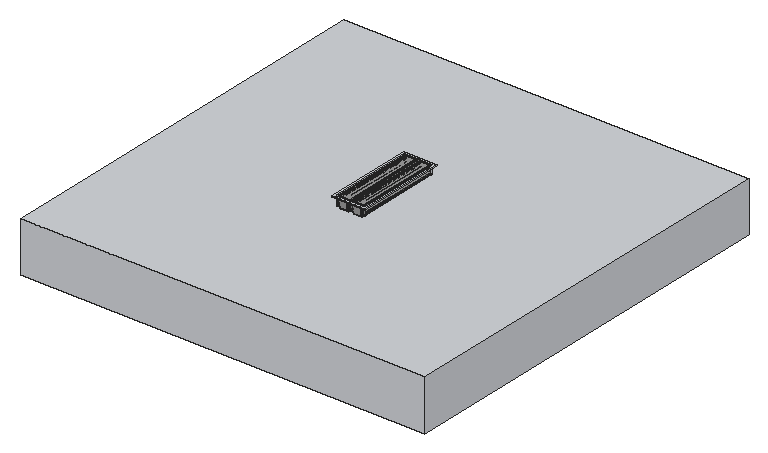
Revit family "L-industry NEW 48 АЗС", category Осветительные приборы, Revit 2017
Family settings
  Основа = Грань
  Размер круглого соединителя = Использовать диаметр
  Тип детали = Нормальный
  При загрузке вырезать с полостями = Нет
  Источник света = Да
  Общий = Нет
  Точка расчета площади = Нет
Parameters (values of type "L-industry NEW 48 АЗС 5.0K Г60")
  Расстояние от светильника до поверхности = 100 mm
  Описание = "Светодиодный светильник для освещения автозаправочных станций L-industry АЗС 48 предназначен для замены светильников на основе ламп ДРЛ-125 и ДНаТ-100 и ламп других типов. L-industry NEW АЗС 48 является оптимальным вариантом для освещения объектов, где необходимо встраиваемое исполнение и\r\nимеются повышенные требования по искробезопасности."
  Lamp = ""
  Комментарии к типоразмеру = "Промышленные"
  Wattage Comments = ""
  Wattage = 41.2476 W
  built-in parameter 1150110 = 1 (stored number, unit not read)
  built-in parameter 1114217 = 1 (stored number, unit not read)
  Tilt Angle = 90.00°
  built-in parameter 1150109 = 1 (stored number, unit not read)
  built-in parameter 1150134 = 2
  built-in parameter 1150113 = 1 (stored number, unit not read)
  Файл фотометрической сетки = "L-industry NEW AZS 48-46-G60-5.0K-01.ies"
  built-in parameter 1150142 = "IESNA:LM-63-1995\r\n[TEST]LEDEL\r\n[DATA]27.11.2018\r\n[MANUFAC]LEDEL\r\n[LUMCAT]L-industry NEW АЗС 48/46/Г60/5.0K/01\r\n[LUMINAIRE]Для освещения  промышленных объектов, складов, рекламных щитов, вывесок, декоративной подсветки  \r\n[MORE]\r\n[LAMPCAT]LED \r\n[LAMP]OSRAM OSLON \r\nTILT=NONE\r\n\r\n1 6127 3.7612031921424 37 19 1 2 0.564 0.22 0.109\r\n\r\n1 1 46\r\n\r\n0 2.5 5 7.5 10 12.5 15 17.5 20 22.5 25 27.5 30 32.5 35 37.5 40 42.5 45 47.5\r\n 50 52.5 55 57.5 60 62.5 65 67.5 70 72.5 75 77.5 80 82.5 85 87.5 90\r\n\r\n  0 5 10 15 20 25 30 35 40 45 50 55 60 65 70 75\r\n  80 85 90\r\n\r\n  1955 1942 1893 1816 1739 1659 1569 1473 1364 1237 1101 947 788 636 502\r\n  383 290 222 174 136 110 87 69 58 46 38 31 23 20 14\r\n  11 6 1 2 1 1 1\r\n  1954 1939 1889 1813 1734 1651 1563 1461 1347 1225 1085 931 770 620 483\r\n  368 280 216 168 135 109 88 72 60 50 39 33 25 20 15\r\n  11 6 3 2 1 1 1\r\n  1955 1936 1881 1808 1731 1653 1561 1457 1345 1224 1084 931 776 623 488\r\n  370 281 216 169 135 109 87 71 59 47 39 33 26 20 15\r\n  11 6 3 1 1 1 1\r\n  1953 1940 1890 1822 1751 1671 1574 1464 1345 1220 1082 927 773 628 491\r\n  378 288 220 168 131 104 84 69 58 47 37 31 25 20 15\r\n  11 6 3 2 1 1 1\r\n  1955 1940 1891 1825 1760 1686 1590 1478 1356 1230 1089 938 784 638 502\r\n  387 296 226 173 134 107 87 69 59 47 41 31 25 20 15\r\n  12 9 5 2 1 1 1\r\n  1955 1931 1881 1817 1755 1684 1583 1469 1338 1196 1045 892 743 605 480\r\n  372 288 222 173 136 110 88 72 59 49 39 33 27 21 15\r\n  11 9 5 3 1 2 1\r\n  1953 1931 1882 1818 1759 1687 1586 1465 1331 1185 1030 876 730 597 473\r\n  364 278 214 166 133 108 88 71 58 47 38 31 25 19 15\r\n  11 7 5 3 2 1 1\r\n  1954 1935 1890 1829 1769 1695 1593 1473 1336 1191 1032 869 718 580 454\r\n  347 268 208 162 129 107 87 69 59 47 39 33 26 20 14\r\n  11 6 5 2 2 1 1\r\n  1952 1928 1881 1822 1762 1683 1578 1455 1320 1176 1018 851 693 551 429\r\n  331 255 197 157 128 103 85 69 58 47 41 31 26 20 15\r\n  12 9 5 2 1 2 1\r\n  1952 1923 1871 1812 1755 1671 1560 1436 1309 1169 1017 855 702 564 440\r\n  336 258 198 157 126 102 83 68 58 45 37 31 27 20 15\r\n  11 9 5 3 2 2 1\r\n  1952 1936 1870 1781 1693 1613 1523 1409 1288 1163 1029 886 742 607 485\r\n  375 290 224 176 140 115 95 78 67 56 47 42 32 27 21\r\n  18 12 8 5 3 3 2\r\n  1954 1929 1860 1770 1684 1604 1514 1403 1282 1162 1027 885 743 609 485\r\n  375 288 226 177 141 116 95 79 67 55 45 39 34 24 20\r\n  15 12 8 5 3 3 3\r\n  1953 1932 1867 1777 1689 1606 1519 1412 1291 1169 1039 902 759 620 497\r\n  388 299 231 181 143 117 96 78 66 54 45 37 30 25 20\r\n  14 12 8 5 3 2 2\r\n  1955 1932 1868 1779 1693 1613 1522 1417 1298 1176 1044 902 759 624 499\r\n  387 298 230 179 142 116 95 77 64 53 46 37 30 25 21\r\n  15 11 9 5 3 2 1\r\n  1955 1925 1857 1769 1684 1602 1505 1398 1279 1155 1020 870 720 580 457\r\n  351 272 214 167 134 109 89 75 62 52 43 36 29 25 19\r\n  14 12 8 5 3 3 2\r\n  1953 1923 1856 1767 1685 1603 1509 1400 1285 1167 1034 884 733 593 465\r\n  359 277 215 168 134 109 89 75 62 53 44 37 30 25 18\r\n  14 11 8 3 3 2 3\r\n  1955 1931 1868 1783 1698 1613 1515 1404 1286 1163 1022 871 720 584 460\r\n  355 274 213 166 133 108 89 72 62 53 43 36 29 24 20\r\n  14 11 6 3 3 2 3\r\n  1954 1924 1855 1773 1689 1603 1508 1402 1288 1164 1027 877 726 585 461\r\n  354 272 210 164 130 108 88 72 61 49 41 35 28 22 18\r\n  13 9 4 2 3 2 2\r\n  1955 1925 1865 1786 1706 1622 1524 1414 1298 1171 1030 875 722 583 458\r\n  353 273 211 165 133 108 87 72 61 51 42 34 28 22 19\r\n  14 11 5 3 3 2 2\r\n\r"
  built-in parameter 1150105 = 487.57 (stored number, unit not read)
  Lumens = 6127 lm
  built-in parameter 1150115 = 1 (stored number, unit not read)
  built-in parameter 1150137 = (empty or 0)
  built-in parameter 1150139 = (empty or 0)
  built-in parameter 1150112 = 1 (stored number, unit not read)
  built-in parameter 1150114 = 1 (stored number, unit not read)
  built-in parameter 1150132 = 2
  Классификация нагрузок = Освещение
  built-in parameter 1150102 = (empty or 0)
  built-in parameter 1150107 = 5000 (stored number, unit not read)
  built-in parameter 1150138 = (empty or 0)
  built-in parameter 1150106 = 4.8757 (stored number, unit not read)
  Emit from Rectangle Width = 160 mm
  Emit from Rectangle Length = 500 mm
  Изготовитель = "LEDEL"
  Длина профиля = Emit from Rectangle Length  # 500 mm
  Emit Shape Visible in Rendering = no
  built-in parameter 1150104 = 13.8 (stored number, unit not read)
  Dimming Lamp Color Temperature Shift = (empty or 0)
  Default Elevation = 1219.2 mm
  Color Filter = 16777215
  built-in parameter 1114218 = 1 (stored number, unit not read)
  built-in parameter 1150133 = 10 (stored number, unit not read)
  Apparent Load = 46 VA  # constant formula
  Артикул = "406000"
Reference planes
  plane 1 "Center (Front/Back)": y = 0
  plane 2: z = 0
  plane 3 "Center (Left/Right)": x = 0
Forms (mm)
  Extrusion 1, solid
    sketch origin (0, 0, 0) x (1, 0, 0) y (0, 1, 0)
      loop
        line (-1219.2, 1219.2) -> (-1219.2, -1219.2) -> (1219.2, -1219.2) -> (1219.2, 1219.2) -> (-1219.2, 1219.2)
    from 0 to -304.8
  Extrusion 2, solid
    sketch origin (-42.545, -254.976, 100) x (0, 1, 0) y (-1, 0, 0)
      loop
        line (505, 41.481) -> (5, 41.481) -> (5, 38.587) -> (0, 38.587) -> (0, -122.556) -> (5, -122.556) -> (5, -126.456) -> (505, -126.456) -> (505, -122.556) -> (510, -122.556) -> (510, 38.587) -> (505, 38.587) -> (505, 41.481)
      loop
        line (525.5, 56.981) -> (-15.5, 56.981) -> (-15.5, -141.956) -> (525.5, -141.956) -> (525.5, 56.981)
    from -5 to 0
Dimensions and locks
  "Расстояние от светильника до поверхности": imposter light to Extrusion 1
  aligned and locked: plane 2 to Extrusion 1
  aligned and locked: level to Extrusion 1
Automatic sketch dimensions
  Extrusion 1 sketch curve to Extrusion 1 sketch curve = 2438.4 mm  (x2)
  Extrusion 2 sketch curve to nested 1 = 0 mm  (x4)
  nested 1 to Extrusion 2 sketch curve = 0 mm
  Extrusion 2 sketch curve to nested 1 = 15.5 mm
  nested 1 to Extrusion 2 sketch curve = 2.894 mm
  Extrusion 2 sketch curve to nested 1 = 500 mm
  Extrusion 2 sketch curve to Extrusion 2 sketch curve = 0 mm
  Extrusion 2 sketch curve to Extrusion 2 sketch curve = 5 mm
  Extrusion 2 sketch curve to Extrusion 2 sketch curve = 15.5 mm
  nested 1 to Extrusion 2 sketch curve = 122.556 mm  (x2)
  Extrusion 2 sketch curve to Extrusion 2 sketch curve = 3.9 mm
  Extrusion 2 sketch curve to Extrusion 2 sketch curve = 19.4 mm
  nested 1 to Extrusion 2 sketch curve = 18.394 mm
Nested families
  nested 1: "L-street 24-48_body" at (-43.1, 0, 0), type "L-street 24-48_body"
    with Расстояние от светильника до плоскости 100 mm, Начало выдавливания -250 mm, Конец выдавливания 250 mm, Длина профиля 500 mm
  nested 2: "L-street 24-48_body" at (40.868, 0, 0), type "L-street 24-48_body"
    with Расстояние от светильника до плоскости 100 mm, Начало выдавливания -250 mm, Конец выдавливания 250 mm, Длина профиля 500 mm
Connectors
  electrical at (0, 0, 0), driven by "Apparent Load"
    settings: on Extrusion 1, index 1, voltage 230 V, apparent load 0 VA, apparent load phase1 46 VA, apparent load phase2 0 VA, apparent load phase3 0 VA, power factor 1, load classification "Прочее", number of poles 1, system type 31, power factor state 1, is connector primary yes, connector utility no, sub classification motor no, connector description ""
Definition of nested family "L-street 24-48_body"
  Parameters (values of type "L-street 24-48_body")
    Тип торцевой крышки = Street 24-48 торцевая крышка : Trade Standart
    Расстояние от светильника до плоскости = 250 mm
    Default Elevation = 1219.2 mm
    Начало выдавливания = Длина профиля / 2 * (-1)  # -500 mm
    Конец выдавливания = Длина профиля / 2  # 500 mm
    Длина профиля = 1000 mm
  Reference planes
    plane 1 "По центру (Вперед/Назад)": y = 0
    plane 2: z = 0
    plane 3 "По центру (Влево/Вправо)": x = 0
    plane 4 "Плоскость расположения светильника": z = 250
  Forms (mm)
    Extrusion 1, solid
      sketch origin (0, 0, 0) x (1, 0, 0) y (0, 1, 0)
        loop
          line (-1219.2, 1219.2) -> (-1219.2, -1219.2) -> (1219.2, -1219.2) -> (1219.2, 1219.2) -> (-1219.2, 1219.2)
      from 0 to -304.8
    Extrusion 2, solid
      sketch origin (-0.012, 0.083, 76.46) x (-1, 0, 0) y (0, 0, -1)
        loop
          line (35.589, -172.539) -> (35.589, -167.394) -> (33.404, -167.394) -> (33.404, -169.539) -> (-33.404, -169.539) -> (-33.404, -167.394) -> (-35.589, -167.394) -> (-35.589, -172.539) -> (35.589, -172.539)
      from -500 <- "Начало выдавливания" to 500 <- "Конец выдавливания"
    Extrusion 3, solid
      sketch origin (-38.032, -499.976, 250) x (1, 0, 0) y (0, 0, -1)
        loop
          line (39.091, 58.204) -> (35.191, 58.204) -> (35.191, 62.2) -> (36.654, 62.2) -> (36.654, 64.2) -> (33.154, 64.2) -> (33.154, 58.204) -> (23.754, 58.204) -> (23.754, 62.908)
          arc (23.754, 62.908) -> (23.375, 63.822) -> (22.462, 64.2) r 1.292
          line (22.462, 64.2) -> (20.507, 64.2) -> (20.507, 62.999)
          arc (20.507, 62.999) -> (18.784, 57.899) -> (17.454, 63.115) r 2.807
          line (17.454, 63.115) -> (17.454, 64.2) -> (15.57, 64.2)
          arc (15.57, 64.2) -> (14.64, 63.815) -> (14.254, 62.884) r 1.316
          line (14.254, 62.884) -> (14.254, 58.204)
          arc (14.254, 58.204) -> (14.542, 57.268) -> (15.307, 56.657) r 1.662
          arc (15.307, 56.657) -> (15.699, 56.211) -> (15.564, 55.633) r 0.649
          line (15.564, 55.633) -> (14.254, 54.323)
          arc (14.254, 54.323) -> (12.694, 54.04) -> (11.88, 55.401) r 1.392
          line (11.88, 55.401) -> (11.88, 64.2) -> (10.88, 64.2) -> (10.88, 55.43)
          arc (10.88, 55.43) -> (12.297, 53.121) -> (14.961, 53.616) r 2.392
          line (14.961, 53.616) -> (16.271, 54.926)
          arc (16.271, 54.926) -> (18.805, 53.565) -> (19.091, 50.704) r 3.06
          line (19.091, 50.704) -> (19.091, 34.404)
          arc (19.091, 34.404) -> (17.453, 32.057) -> (14.686, 32.784) r 2.5
          line (14.686, 32.784) -> (3.187, 46.302)
          arc (3.187, 46.302) -> (1.783, 49.534) -> (1.349, 53.03) r 12.359
          arc (1.349, 53.03) -> (0.911, 54.131) -> (-0.182, 54.59) r 1.531
          line (-0.182, 54.59) -> (-1.451, 54.59) -> (-1.451, 52.09) -> (-0.218, 52.09) -> (-0.218, 49.043) -> (-1.451, 49.043) -> (-1.451, 47.616)
          arc (-1.451, 47.616) -> (-1.151, 46.891) -> (-0.426, 46.59) r 1.025
          line (-0.426, 46.59) -> (0.549, 46.59)
          arc (0.549, 46.59) -> (1.499, 46.15) -> (2.241, 45.41) r 3
          line (2.241, 45.41) -> (19.248, 21.121)
          arc (19.248, 21.121) -> (19.506, 18.078) -> (16.99, 16.347) r 3.04
          line (16.99, 16.347) -> (16.172, 18.606)
          arc (16.172, 18.606) -> (15.575, 18.888) -> (15.29, 18.293) r 0.468
          line (15.29, 18.293) -> (15.919, 15.768)
          arc (15.919, 15.768) -> (15.065, 15.349) -> (14.231, 14.89) r 20
          line (14.231, 14.89) -> (13.32, 17.308)
          arc (13.32, 17.308) -> (12.744, 17.565) -> (12.493, 16.986) r 0.443
          line (12.493, 16.986) -> (13, 14.112)
          arc (13, 14.112) -> (12.216, 13.548) -> (11.461, 12.946) r 20
          line (11.461, 12.946) -> (10.632, 15.29)
          arc (10.632, 15.29) -> (9.98, 15.589) -> (9.7, 14.929) r 0.5
          line (9.7, 14.929) -> (10.426, 12.018)
          arc (10.426, 12.018) -> (9.554, 11.125) -> (8.739, 10.18) r 20
          arc (8.739, 10.18) -> (8.315, 12.234) -> (6.549, 13.365) r 2.7
          line (6.549, 13.365) -> (6.345, 12.182)
          arc (6.345, 12.182) -> (6.657, 9.315) -> (4.875, 11.583) r 1.5
          line (4.875, 11.583) -> (4.02, 12.437)
          arc (4.02, 12.437) -> (3.433, 11.181) -> (3.546, 9.799) r 2.7
          arc (3.546, 9.799) -> (3.425, 8.912) -> (2.629, 8.5) r 0.973
          line (2.629, 8.5) -> (-2.894, 8.5) -> (-2.894, 0) -> (2.006, 0) -> (5.904, -0.341) -> (5.991, 0.655) -> (2.006, 1.004) -> (2.006, 4.504) -> (3.006, 4.504) -> (3.006, 6.504) -> (6.006, 6.504) -> (6.006, 4.504) -> (7.611, 4.504)
          arc (7.611, 4.504) -> (13.444, 12.031) -> (22.295, 15.543) r 18.05
          line (22.295, 15.543) -> (24.291, 15.543) -> (24.291, 16.504) -> (22.291, 16.504) -> (22.291, 18.204) -> (55.891, 18.204) -> (55.891, 16.504) -> (53.891, 16.504) -> (53.891, 15.543) -> (55.886, 15.543)
          arc (55.886, 15.543) -> (64.737, 12.031) -> (70.57, 4.504) r 18.05
          line (70.57, 4.504) -> (72.175, 4.504) -> (72.175, 6.504) -> (75.175, 6.504) -> (75.175, 4.504) -> (76.175, 4.504) -> (76.175, 1.004) -> (72.19, 0.655) -> (72.277, -0.341) -> (76.175, 0) -> (81.075, 0) -> (81.075, 8.5) -> (75.552, 8.5)
          arc (75.552, 8.5) -> (74.756, 8.912) -> (74.635, 9.799) r 0.973
          arc (74.635, 9.799) -> (74.748, 11.181) -> (74.161, 12.437) r 2.7
          line (74.161, 12.437) -> (73.306, 11.583)
          arc (73.306, 11.583) -> (71.524, 9.315) -> (71.836, 12.182) r 1.5
          line (71.836, 12.182) -> (71.632, 13.365)
          arc (71.632, 13.365) -> (69.866, 12.234) -> (69.442, 10.18) r 2.7
          arc (69.442, 10.18) -> (68.627, 11.125) -> (67.755, 12.018) r 20
          line (67.755, 12.018) -> (68.481, 14.929)
          arc (68.481, 14.929) -> (68.201, 15.589) -> (67.549, 15.29) r 0.5
          line (67.549, 15.29) -> (66.72, 12.946)
          arc (66.72, 12.946) -> (65.965, 13.548) -> (65.181, 14.112) r 20
          line (65.181, 14.112) -> (65.688, 16.986)
          arc (65.688, 16.986) -> (65.437, 17.565) -> (64.861, 17.308) r 0.443
          line (64.861, 17.308) -> (63.95, 14.89)
          arc (63.95, 14.89) -> (63.116, 15.349) -> (62.262, 15.768) r 20
          line (62.262, 15.768) -> (62.891, 18.293)
          arc (62.891, 18.293) -> (62.606, 18.888) -> (62.009, 18.606) r 0.468
          line (62.009, 18.606) -> (61.191, 16.347)
          arc (61.191, 16.347) -> (58.675, 18.078) -> (58.933, 21.121) r 3.04
          line (58.933, 21.121) -> (75.94, 45.41)
          arc (75.94, 45.41) -> (76.682, 46.15) -> (77.632, 46.59) r 3
          line (77.632, 46.59) -> (78.607, 46.59)
          arc (78.607, 46.59) -> (79.332, 46.891) -> (79.632, 47.616) r 1.025
          line (79.632, 47.616) -> (79.632, 49.043) -> (78.399, 49.043) -> (78.399, 52.09) -> (79.632, 52.09) -> (79.632, 54.59) -> (78.363, 54.59)
          arc (78.363, 54.59) -> (77.27, 54.131) -> (76.832, 53.03) r 1.531
          arc (76.832, 53.03) -> (76.398, 49.534) -> (74.994, 46.302) r 12.359
          line (74.994, 46.302) -> (63.495, 32.784)
          arc (63.495, 32.784) -> (60.728, 32.057) -> (59.091, 34.404) r 2.5
          line (59.091, 34.404) -> (59.091, 50.704)
          arc (59.091, 50.704) -> (59.376, 53.565) -> (61.91, 54.926) r 3.06
          line (61.91, 54.926) -> (63.22, 53.616)
          arc (63.22, 53.616) -> (65.884, 53.121) -> (67.301, 55.43) r 2.392
          line (67.301, 55.43) -> (67.301, 64.2) -> (66.301, 64.2) -> (66.301, 55.401)
          arc (66.301, 55.401) -> (65.487, 54.04) -> (63.927, 54.323) r 1.392
          line (63.927, 54.323) -> (62.617, 55.633)
          arc (62.617, 55.633) -> (62.482, 56.211) -> (62.874, 56.657) r 0.649
          arc (62.874, 56.657) -> (63.639, 57.268) -> (63.927, 58.204) r 1.662
          line (63.927, 58.204) -> (63.927, 62.884)
          arc (63.927, 62.884) -> (63.542, 63.815) -> (62.611, 64.2) r 1.316
          line (62.611, 64.2) -> (60.727, 64.2) -> (60.727, 63.115)
          arc (60.727, 63.115) -> (59.398, 57.899) -> (57.674, 62.999) r 2.807
          line (57.674, 62.999) -> (57.674, 64.2) -> (55.719, 64.2)
          arc (55.719, 64.2) -> (54.806, 63.822) -> (54.427, 62.908) r 1.292
          line (54.427, 62.908) -> (54.427, 58.204) -> (45.027, 58.204) -> (45.027, 64.2) -> (41.527, 64.2) -> (41.527, 62.2) -> (42.991, 62.2) -> (42.991, 58.204) -> (39.091, 58.204)
      from 0 to 1000 <- "Длина профиля"
  Dimensions and locks
    "Расстояние от светильника до плоскости": plane 4 "Плоскость расположения светильника" to Extrusion 1
    aligned and locked: plane 2 to Extrusion 1
    aligned and locked: level to Extrusion 1
  Automatic sketch dimensions
    Extrusion 1 sketch curve to Extrusion 1 sketch curve = 2438.4 mm  (x2)
    Extrusion 2 sketch curve to plane 4 "Плоскость расположения светильника" = 1.002 mm
    plane 3 "По центру (Влево/Вправо)" to Extrusion 2 sketch curve = 35.577 mm
    Extrusion 2 sketch curve to Extrusion 2 sketch curve = 2.185 mm  (x2)
    Extrusion 2 sketch curve to plane 4 "Плоскость расположения светильника" = 4.002 mm
    Extrusion 2 sketch curve to plane 3 "По центру (Влево/Вправо)" = 33.416 mm
    Extrusion 2 sketch curve to Extrusion 2 sketch curve = 2.144 mm  (x2)
    Extrusion 3 sketch curve to Extrusion 3 sketch curve = 0 mm  (x59)
    nested 1 to Extrusion 3 sketch curve = 2.894 mm
    nested 1 to Extrusion 3 sketch curve = 1.451 mm  (x2)
    Extrusion 3 sketch curve to Extrusion 3 sketch curve = 1.025 mm  (x2)
    Extrusion 3 sketch curve to Extrusion 3 sketch curve = 1.234 mm
    nested 1 to Extrusion 3 sketch curve = 0.216 mm
    nested 1 to Extrusion 3 sketch curve = 0.182 mm
    Extrusion 3 sketch curve to nested 1 = 0.549 mm
    Extrusion 3 sketch curve to nested 1 = 2.006 mm  (x2)
    Extrusion 3 sketch curve to Extrusion 3 sketch curve = 0.855 mm  (x4)
    Extrusion 3 sketch curve to Extrusion 3 sketch curve = 0.087 mm  (x2)
    Extrusion 3 sketch curve to Extrusion 3 sketch curve = 1.216 mm  (x2)
    Extrusion 3 sketch curve to Extrusion 3 sketch curve = 0.255 mm  (x2)
    Extrusion 3 sketch curve to Extrusion 3 sketch curve = 0.204 mm  (x2)
    Extrusion 3 sketch curve to Extrusion 3 sketch curve = 1.605 mm  (x2)
    Extrusion 3 sketch curve to Extrusion 3 sketch curve = 3.151 mm  (x2)
    Extrusion 3 sketch curve to Extrusion 3 sketch curve = 0.46 mm  (x2)
    Extrusion 3 sketch curve to Extrusion 3 sketch curve = 0.726 mm
    Extrusion 3 sketch curve to Extrusion 3 sketch curve = 0.471 mm  (x2)
    Extrusion 3 sketch curve to Extrusion 3 sketch curve = 1.035 mm  (x2)
    Extrusion 3 sketch curve to Extrusion 3 sketch curve = 1 mm  (x3)
    Extrusion 3 sketch curve to Extrusion 3 sketch curve = 2.273 mm
    Extrusion 3 sketch curve to Extrusion 3 sketch curve = 1.54 mm  (x2)
    Extrusion 3 sketch curve to Extrusion 3 sketch curve = 1.389 mm
    Extrusion 3 sketch curve to Extrusion 3 sketch curve = 0.436 mm
    Extrusion 3 sketch curve to Extrusion 3 sketch curve = 1.231 mm  (x2)
    Extrusion 3 sketch curve to Extrusion 3 sketch curve = 2.374 mm  (x2)
    Extrusion 3 sketch curve to Extrusion 3 sketch curve = 0.985 mm  (x4)
    Extrusion 3 sketch curve to Extrusion 3 sketch curve = 0.707 mm  (x8)
    Extrusion 3 sketch curve to Extrusion 3 sketch curve = 0.815 mm
    Extrusion 3 sketch curve to Extrusion 3 sketch curve = 2.385 mm
    Extrusion 3 sketch curve to Extrusion 3 sketch curve = 0.495 mm  (x2)
    Extrusion 3 sketch curve to Extrusion 3 sketch curve = 1.316 mm  (x4)
    Extrusion 3 sketch curve to Extrusion 3 sketch curve = 0.442 mm  (x2)
    Extrusion 3 sketch curve to Extrusion 3 sketch curve = 1.662 mm  (x2)
    Extrusion 3 sketch curve to Extrusion 3 sketch curve = 1.688 mm  (x2)
    Extrusion 3 sketch curve to Extrusion 3 sketch curve = 0.44 mm  (x2)
    Extrusion 3 sketch curve to Extrusion 3 sketch curve = 1.298 mm
    Extrusion 3 sketch curve to Extrusion 3 sketch curve = 0.586 mm  (x2)
    Extrusion 3 sketch curve to Extrusion 3 sketch curve = 1.071 mm  (x2)
    Extrusion 3 sketch curve to Extrusion 3 sketch curve = 0.004 mm  (x2)
    Extrusion 3 sketch curve to Extrusion 3 sketch curve = 1.955 mm  (x2)
    Extrusion 3 sketch curve to Extrusion 3 sketch curve = 1.292 mm  (x2)
    Extrusion 3 sketch curve to Extrusion 3 sketch curve = 2 mm  (x5)
    Extrusion 3 sketch curve to Extrusion 3 sketch curve = 9.4 mm  (x2)
    Extrusion 3 sketch curve to Extrusion 3 sketch curve = 2.037 mm  (x2)
    Extrusion 3 sketch curve to Extrusion 3 sketch curve = 1.463 mm
    Extrusion 3 sketch curve to Extrusion 3 sketch curve = 3.9 mm  (x2)
    Extrusion 3 sketch curve to Extrusion 3 sketch curve = 4.873 mm
    Extrusion 3 sketch curve to Extrusion 3 sketch curve = 1.996 mm  (x3)
    Extrusion 3 sketch curve to Extrusion 3 sketch curve = 1.884 mm  (x2)
    Extrusion 3 sketch curve to Extrusion 3 sketch curve = 1.31 mm
    Extrusion 3 sketch curve to Extrusion 3 sketch curve = 1.904 mm
    Extrusion 3 sketch curve to Extrusion 3 sketch curve = 1.256 mm
    Extrusion 3 sketch curve to Extrusion 3 sketch curve = 1.326 mm
    Extrusion 3 sketch curve to Extrusion 3 sketch curve = 0.829 mm
    Extrusion 3 sketch curve to Extrusion 3 sketch curve = 0.015 mm
    nested 1 to Extrusion 3 sketch curve = 0.458 mm
    nested 1 to Extrusion 3 sketch curve = 1.188 mm
    nested 1 to Extrusion 3 sketch curve = 1.223 mm
    nested 1 to Extrusion 3 sketch curve = 1.224 mm
    nested 1 to Extrusion 3 sketch curve = 1.432 mm
    Extrusion 3 sketch curve to Extrusion 3 sketch curve = 1.269 mm
    nested 1 to Extrusion 3 sketch curve = 3.9 mm
    Extrusion 3 sketch curve to nested 1 = 61.6 mm
    Extrusion 3 sketch curve to Extrusion 3 sketch curve = 2.055 mm  (x2)
    Extrusion 3 sketch curve to Extrusion 3 sketch curve = 0.341 mm  (x2)
    Extrusion 3 sketch curve to Extrusion 3 sketch curve = 3.849 mm  (x2)
    Extrusion 3 sketch curve to Extrusion 3 sketch curve = 3.5 mm
    Extrusion 3 sketch curve to Extrusion 3 sketch curve = 0.973 mm  (x2)
    Extrusion 3 sketch curve to Extrusion 3 sketch curve = 1.23 mm  (x2)
    Extrusion 3 sketch curve to Extrusion 3 sketch curve = 0.879 mm  (x2)
    Extrusion 3 sketch curve to Extrusion 3 sketch curve = 0.164 mm  (x2)
    Extrusion 3 sketch curve to Extrusion 3 sketch curve = 0.928 mm  (x2)
    Extrusion 3 sketch curve to Extrusion 3 sketch curve = 1.183 mm  (x2)
    Extrusion 3 sketch curve to Extrusion 3 sketch curve = 0.778 mm  (x2)
    Extrusion 3 sketch curve to Extrusion 3 sketch curve = 1.982 mm  (x2)
    Extrusion 3 sketch curve to Extrusion 3 sketch curve = 0.195 mm  (x2)
    Extrusion 3 sketch curve to Extrusion 3 sketch curve = 0.579 mm  (x2)
    Extrusion 3 sketch curve to Extrusion 3 sketch curve = 0.961 mm  (x2)
    Extrusion 3 sketch curve to Extrusion 3 sketch curve = 2.262 mm  (x2)
    Extrusion 3 sketch curve to Extrusion 3 sketch curve = 1.7 mm
    Extrusion 3 sketch curve to Extrusion 3 sketch curve = 1.946 mm  (x2)
    Extrusion 3 sketch curve to Extrusion 3 sketch curve = 0.154 mm  (x2)
    Extrusion 3 sketch curve to Extrusion 3 sketch curve = 0.772 mm  (x2)
    Extrusion 3 sketch curve to Extrusion 3 sketch curve = 11.663 mm  (x2)
    Extrusion 3 sketch curve to Extrusion 3 sketch curve = 10.905 mm  (x2)
    Extrusion 3 sketch curve to Extrusion 3 sketch curve = 1.721 mm  (x2)
    Extrusion 3 sketch curve to Extrusion 3 sketch curve = 0.892 mm  (x2)
    Extrusion 3 sketch curve to Extrusion 3 sketch curve = 1.428 mm  (x2)
    Extrusion 3 sketch curve to Extrusion 3 sketch curve = 16.3 mm  (x2)
    Extrusion 3 sketch curve to Extrusion 3 sketch curve = 1.162 mm  (x2)
    Extrusion 3 sketch curve to Extrusion 3 sketch curve = 3.047 mm  (x2)
    Extrusion 3 sketch curve to Extrusion 3 sketch curve = 0.925 mm  (x2)
    Extrusion 3 sketch curve to Extrusion 3 sketch curve = 0.969 mm  (x2)
    Extrusion 3 sketch curve to Extrusion 3 sketch curve = 0.825 mm  (x2)
    Extrusion 3 sketch curve to Extrusion 3 sketch curve = 1.531 mm  (x2)
    Extrusion 3 sketch curve to Extrusion 3 sketch curve = 0.42 mm  (x2)
    Extrusion 3 sketch curve to Extrusion 3 sketch curve = 2.151 mm  (x2)
    Extrusion 3 sketch curve to Extrusion 3 sketch curve = 7.5 mm
    Extrusion 3 sketch curve to Extrusion 3 sketch curve = 2.5 mm  (x4)
    Extrusion 3 sketch curve to Extrusion 3 sketch curve = 3.997 mm  (x2)
    Extrusion 3 sketch curve to Extrusion 3 sketch curve = 4.68 mm
    Extrusion 3 sketch curve to Extrusion 3 sketch curve = 2.18 mm
    Extrusion 3 sketch curve to Extrusion 3 sketch curve = 2.204 mm  (x2)
    Extrusion 3 sketch curve to Extrusion 3 sketch curve = 1.202 mm  (x2)
    Extrusion 3 sketch curve to Extrusion 3 sketch curve = 0.411 mm  (x2)
    Extrusion 3 sketch curve to Extrusion 3 sketch curve = 0.415 mm  (x2)
    Extrusion 3 sketch curve to Extrusion 3 sketch curve = 0.165 mm  (x2)
    Extrusion 3 sketch curve to nested 1 = 0 mm  (x3)
    Extrusion 3 sketch curve to Extrusion 3 sketch curve = 1.692 mm
    Extrusion 3 sketch curve to nested 1 = 2.629 mm
    Extrusion 3 sketch curve to Extrusion 3 sketch curve = 0.946 mm
    Extrusion 3 sketch curve to Extrusion 3 sketch curve = 1.391 mm
    Extrusion 3 sketch curve to Extrusion 3 sketch curve = 3.898 mm
    Extrusion 3 sketch curve to Extrusion 3 sketch curve = 3 mm
    nested 1 to Extrusion 3 sketch curve = 2.511 mm
    Extrusion 3 sketch curve to nested 1 = 10.88 mm
    Extrusion 3 sketch curve to Extrusion 3 sketch curve = 4.404 mm
    Extrusion 3 sketch curve to Extrusion 3 sketch curve = 1.437 mm
    Extrusion 3 sketch curve to Extrusion 3 sketch curve = 2.49 mm  (x2)
    Extrusion 3 sketch curve to Extrusion 3 sketch curve = 3.053 mm  (x2)
    Extrusion 3 sketch curve to Extrusion 3 sketch curve = 5.3 mm
    Extrusion 3 sketch curve to nested 1 = 23.284 mm
    Extrusion 3 sketch curve to Extrusion 3 sketch curve = 3.042 mm
    Extrusion 3 sketch curve to Extrusion 3 sketch curve = 4.663 mm
    Extrusion 3 sketch curve to Extrusion 3 sketch curve = 1.616 mm
    Extrusion 3 sketch curve to Extrusion 3 sketch curve = 2.258 mm
    Extrusion 3 sketch curve to Extrusion 3 sketch curve = 2.017 mm
    Extrusion 3 sketch curve to Extrusion 3 sketch curve = 1.128 mm
    Extrusion 3 sketch curve to nested 1 = 2.18 mm
    Extrusion 3 sketch curve to nested 1 = 2 mm
    Extrusion 3 sketch curve to nested 1 = 1.623 mm
    Extrusion 3 sketch curve to nested 1 = 1.235 mm
    Extrusion 3 sketch curve to nested 1 = 1 mm
  Nested families
    nested 1: "Street 24-48 торцевая крышка" at (0.555, 0.024, 0), type <- "Тип торцевой крышки", type "Trade Standart"
      with Начало профиля 500 mm, Конец профиля 500 mm, Длина профиля 1000 mm
    nested 2: "Street 24-48 торцевая крышка" at (0.452, 0, 0), type <- "Тип торцевой крышки", type "Trade Standart"
      with Начало профиля 500 mm, Конец профиля 500 mm, Длина профиля 1000 mm
  Definition of nested family "Street 24-48 торцевая крышка"
    Parameters (values of type "Trade 24-48 торцевая крышка")
      Расстояние до плоскости = 150 mm
      Default Elevation = 1219.2 mm
      Начало профиля = 249.976 mm
      Конец профиля = Начало профиля  # 249.976 mm
      Длина профиля = Начало профиля * 2  # 499.952 mm
    Types (2, lengths in mm): name | Расстояние до плоскости | Начало профиля | Конец профиля | Длина профиля
      Trade 24-48 торцевая крышка | 150 | 249.976 | 249.976 | 499.952
      Trade Standart | 250 | 250 | 250 | 500
    Reference planes
      plane 1 "По центру (Вперед/Назад)": y = 0
      plane 2: z = 0
      plane 3 "По центру (Влево/Вправо)": x = 0
      plane 4 "Плоскость светильника": z = 150
    Forms (mm)
      Extrusion 1, solid
        sketch origin (0, 0, 0) x (1, 0, 0) y (0, 1, 0)
          loop
            line (-1219.2, 1219.2) -> (-1219.2, -1219.2) -> (1219.2, -1219.2) -> (1219.2, 1219.2) -> (-1219.2, 1219.2)
        from 0 to -304.8
      Extrusion 2, solid
        sketch origin (-19.367, -249.976, 150) x (1, 0, 0) y (0, 0, 1)
          loop
            line (-19.221, 0) -> (-19.221, -52.919) -> (-10.867, -52.919)
            arc (-10.867, -52.919) -> (-6.009, -53.518) -> (-1.441, -55.28) r 20
            line (-1.441, -55.28) -> (3.39, -58.299)
            arc (3.39, -58.299) -> (3.801, -58.687) -> (4.03, -59.204) r 1.436
            line (4.03, -59.204) -> (13.43, -59.204)
            arc (13.43, -59.204) -> (14.332, -58.467) -> (15.467, -58.204) r 2.574
            line (15.467, -58.204) -> (19.367, -58.204) -> (23.267, -58.204)
            arc (23.267, -58.204) -> (24.401, -58.467) -> (25.303, -59.204) r 2.574
            line (25.303, -59.204) -> (34.703, -59.204)
            arc (34.703, -59.204) -> (34.933, -58.687) -> (35.344, -58.299) r 1.436
            line (35.344, -58.299) -> (40.175, -55.28)
            arc (40.175, -55.28) -> (44.742, -53.518) -> (49.601, -52.919) r 20
            line (49.601, -52.919) -> (57.954, -52.919) -> (57.954, 0) -> (19.367, 0) -> (-19.221, 0)
        from 0 to 5
      Extrusion 3, solid
        sketch origin (18.233, 249.976, 150) x (-1, 0, 0) y (0, 0, 1)
          loop
            line (56.821, 0) -> (18.233, 0) -> (-20.354, 0) -> (-20.354, -52.919) -> (-12.001, -52.919)
            arc (-12.001, -52.919) -> (-7.142, -53.518) -> (-2.575, -55.28) r 20
            line (-2.575, -55.28) -> (2.256, -58.299)
            arc (2.256, -58.299) -> (2.667, -58.687) -> (2.897, -59.204) r 1.436
            line (2.897, -59.204) -> (12.297, -59.204)
            arc (12.297, -59.204) -> (13.199, -58.467) -> (14.333, -58.204) r 2.574
            line (14.333, -58.204) -> (18.233, -58.204) -> (22.133, -58.204)
            arc (22.133, -58.204) -> (23.268, -58.467) -> (24.17, -59.204) r 2.574
            line (24.17, -59.204) -> (33.57, -59.204)
            arc (33.57, -59.204) -> (33.799, -58.687) -> (34.21, -58.299) r 1.436
            line (34.21, -58.299) -> (39.041, -55.28)
            arc (39.041, -55.28) -> (43.609, -53.518) -> (48.467, -52.919) r 20
            line (48.467, -52.919) -> (56.821, -52.919) -> (56.821, 0)
        from 0 to 5
      Extrusion 4, solid
        sketch origin (0, -398.223, 150) x (0, -1, 0) y (1, 0, 0)
          loop
            line (-149.081, 18.233) -> (-149.081, -19.367) -> (-148.247, -19.367) -> (-148.247, 18.233) -> (-149.081, 18.233)
          loop
            line (-648.199, -19.367) -> (-647.405, -19.367) -> (-647.405, 18.233) -> (-648.199, 18.233) -> (-648.199, -19.367)
        from 0 to -1
      Extrusion 5, void
        sketch origin (-19.367, -254.976, 150) x (-1, 0, 0) y (0, 0, 1)
          loop
            line (9.318, -51.37) -> (15.247, -51.37)
            arc (15.247, -51.37) -> (16.574, -50.692) -> (16.801, -49.218) r 1.637
            arc (16.801, -49.218) -> (16.329, -48.024) -> (15.725, -46.891) r 11.359
            line (15.725, -46.891) -> (4.276, -33.432)
            arc (4.276, -33.432) -> (2.615, -32.996) -> (1.633, -34.404) r 1.5
            line (1.633, -34.404) -> (1.633, -52.906)
            arc (1.633, -52.906) -> (5.4, -51.758) -> (9.318, -51.37) r 20
          loop
            arc (14.324, -39.155) -> (16.107, -39.761) -> (17.221, -38.242) r 1.592
            line (17.221, -38.242) -> (17.221, -10.29)
            arc (17.221, -10.29) -> (14.944, -10.099) -> (12.739, -9.499) r 12.546
            arc (12.739, -9.499) -> (11.447, -11.189) -> (9.991, -12.739) r 21
            arc (9.991, -12.739) -> (8.685, -13.894) -> (7.288, -14.938) r 21
            arc (7.288, -14.938) -> (4.877, -16.36) -> (2.299, -17.45) r 21
            arc (2.299, -17.45) -> (1.025, -18.749) -> (1.295, -20.548) r 2.04
            line (1.295, -20.548) -> (14.324, -39.155)
          loop
            arc (-48.051, -51.37) -> (-44.133, -51.758) -> (-40.367, -52.906) r 20
            line (-40.367, -52.906) -> (-40.367, -34.404)
            arc (-40.367, -34.404) -> (-41.349, -32.996) -> (-43.009, -33.432) r 1.5
            line (-43.009, -33.432) -> (-54.458, -46.891)
            arc (-54.458, -46.891) -> (-55.062, -48.024) -> (-55.534, -49.218) r 11.359
            arc (-55.534, -49.218) -> (-55.308, -50.692) -> (-53.98, -51.37) r 1.637
            line (-53.98, -51.37) -> (-48.051, -51.37)
          loop
            line (-53.057, -39.155) -> (-40.028, -20.548)
            arc (-40.028, -20.548) -> (-39.759, -18.749) -> (-41.032, -17.45) r 2.04
            arc (-41.032, -17.45) -> (-43.611, -16.36) -> (-46.022, -14.938) r 21
            arc (-46.022, -14.938) -> (-47.419, -13.894) -> (-48.725, -12.739) r 21
            arc (-48.725, -12.739) -> (-50.181, -11.189) -> (-51.473, -9.499) r 21
            arc (-51.473, -9.499) -> (-53.677, -10.099) -> (-55.954, -10.29) r 12.546
            line (-55.954, -10.29) -> (-55.954, -38.242)
            arc (-55.954, -38.242) -> (-54.841, -39.761) -> (-53.057, -39.155) r 1.592
        from 0 to 1
      Extrusion 6, void
        sketch origin (18.233, 254.976, 150) x (1, 0, 0) y (0, 0, 1)
          loop
            arc (-46.904, -51.384) -> (-42.986, -51.772) -> (-39.219, -52.919) r 20
            line (-39.219, -52.919) -> (-39.219, -34.418)
            arc (-39.219, -34.418) -> (-40.202, -33.01) -> (-41.862, -33.446) r 1.5
            line (-41.862, -33.446) -> (-53.311, -46.905)
            arc (-53.311, -46.905) -> (-53.915, -48.038) -> (-54.387, -49.232) r 11.359
            arc (-54.387, -49.232) -> (-54.16, -50.705) -> (-52.833, -51.384) r 1.637
            line (-52.833, -51.384) -> (-46.904, -51.384)
          loop
            line (-51.91, -39.169) -> (-38.881, -20.562)
            arc (-38.881, -20.562) -> (-38.611, -18.763) -> (-39.885, -17.464) r 2.04
            arc (-39.885, -17.464) -> (-42.463, -16.374) -> (-44.874, -14.952) r 21
            arc (-44.874, -14.952) -> (-46.271, -13.908) -> (-47.577, -12.753) r 21
            arc (-47.577, -12.753) -> (-49.033, -11.203) -> (-50.325, -9.513) r 21
            arc (-50.325, -9.513) -> (-52.53, -10.113) -> (-54.807, -10.303) r 12.546
            line (-54.807, -10.303) -> (-54.807, -38.256)
            arc (-54.807, -38.256) -> (-53.693, -39.775) -> (-51.91, -39.169) r 1.592
          loop
            line (10.465, -51.384) -> (16.394, -51.384)
            arc (16.394, -51.384) -> (17.722, -50.705) -> (17.948, -49.232) r 1.637
            arc (17.948, -49.232) -> (17.476, -48.038) -> (16.872, -46.905) r 11.359
            line (16.872, -46.905) -> (5.423, -33.446)
            arc (5.423, -33.446) -> (3.763, -33.01) -> (2.781, -34.418) r 1.5
            line (2.781, -34.418) -> (2.781, -52.919)
            arc (2.781, -52.919) -> (6.547, -51.772) -> (10.465, -51.384) r 20
          loop
            arc (15.471, -39.169) -> (17.254, -39.775) -> (18.368, -38.256) r 1.592
            line (18.368, -38.256) -> (18.368, -10.303)
            arc (18.368, -10.303) -> (16.091, -10.113) -> (13.887, -9.513) r 12.546
            arc (13.887, -9.513) -> (12.595, -11.203) -> (11.138, -12.753) r 21
            arc (11.138, -12.753) -> (9.833, -13.908) -> (8.435, -14.952) r 21
            arc (8.435, -14.952) -> (6.025, -16.374) -> (3.446, -17.464) r 21
            arc (3.446, -17.464) -> (2.173, -18.763) -> (2.442, -20.562) r 2.04
            line (2.442, -20.562) -> (15.471, -39.169)
        from 0 to 1
    Cuts and joins
      Extrusion 5 cuts Extrusion 2
      Extrusion 6 cuts Extrusion 3
    Dimensions and locks
      "Расстояние до плоскости": plane 4 "Плоскость светильника" to Extrusion 1
      "Конец профиля": plane 1 "По центру (Вперед/Назад)" to Extrusion 4
      "Начало профиля": Extrusion 4 to plane 1 "По центру (Вперед/Назад)"
      aligned and locked: plane 2 to Extrusion 1
      aligned and locked: level to Extrusion 1
    Automatic sketch dimensions
      Extrusion 1 sketch curve to Extrusion 1 sketch curve = 2438.4 mm  (x2)
      Extrusion 3 sketch curve to Extrusion 3 sketch curve = 4.07 mm
      Extrusion 3 sketch curve to Extrusion 3 sketch curve = 0.761 mm
      Extrusion 3 sketch curve to Extrusion 3 sketch curve = 0.641 mm  (x2)
      Extrusion 3 sketch curve to Extrusion 3 sketch curve = 9.4 mm  (x2)
      Extrusion 3 sketch curve to Extrusion 3 sketch curve = 2.037 mm  (x2)
      Extrusion 3 sketch curve to Extrusion 3 sketch curve = 3.9 mm  (x2)
      Extrusion 4 to Extrusion 3 sketch curve = 58.299 mm
      Extrusion 3 sketch curve to Extrusion 3 sketch curve = 1.402 mm
      Extrusion 3 sketch curve to Extrusion 3 sketch curve = 4.831 mm
      Extrusion 4 to Extrusion 3 sketch curve = 72.919 mm  (x2)
      Extrusion 3 sketch curve to Extrusion 3 sketch curve = 2.479 mm
      Extrusion 3 sketch curve to Extrusion 3 sketch curve = 0 mm
      Extrusion 3 sketch curve to Extrusion 3 sketch curve = 1.261 mm
      Extrusion 3 sketch curve to Extrusion 3 sketch curve = 1.218 mm
      Extrusion 3 sketch curve to Extrusion 3 sketch curve = 3.018 mm  (x2)
      Extrusion 4 to Extrusion 2 sketch curve = 52.919 mm
      Extrusion 4 to Extrusion 2 sketch curve = 72.919 mm  (x2)
      Extrusion 2 sketch curve to Extrusion 2 sketch curve = 8.353 mm  (x2)
      Extrusion 4 to Extrusion 2 sketch curve = 55.28 mm
      Extrusion 2 sketch curve to Extrusion 2 sketch curve = 4.07 mm
      Extrusion 4 to Extrusion 2 sketch curve = 58.299 mm  (x2)
      Extrusion 2 sketch curve to Extrusion 2 sketch curve = 0.761 mm  (x2)
      Extrusion 2 sketch curve to Extrusion 2 sketch curve = 0.641 mm  (x2)
      Extrusion 2 sketch curve to Extrusion 2 sketch curve = 9.4 mm  (x2)
      Extrusion 2 sketch curve to Extrusion 2 sketch curve = 2.037 mm  (x2)
      Extrusion 2 sketch curve to Extrusion 2 sketch curve = 3.9 mm  (x2)
      Extrusion 2 sketch curve to Extrusion 2 sketch curve = 4.831 mm
      Extrusion 2 sketch curve to Extrusion 2 sketch curve = 2.479 mm
      Extrusion 2 sketch curve to Extrusion 2 sketch curve = 0 mm
      Extrusion 2 sketch curve to Extrusion 2 sketch curve = 1.218 mm
      Extrusion 2 sketch curve to Extrusion 2 sketch curve = 3.018 mm
      Extrusion 3 sketch curve to Extrusion 4 = 0 mm
      Extrusion 2 sketch curve to Extrusion 4 = 19.221 mm
      Extrusion 3 sketch curve to Extrusion 4 = 20.354 mm
      Extrusion 3 sketch curve to Extrusion 4 = 12.001 mm
      Extrusion 4 sketch curve to plane 3 "По центру (Влево/Вправо)" = 19.367 mm  (x2)
      Extrusion 4 sketch curve to plane 1 "По центру (Вперед/Назад)" = 249.976 mm
      Extrusion 4 sketch curve to Extrusion 4 sketch curve = 0.794 mm
      plane 1 "По центру (Вперед/Назад)" to Extrusion 4 sketch curve = 249.142 mm
      Extrusion 4 sketch curve to Extrusion 4 sketch curve = 0.834 mm
      plane 3 "По центру (Влево/Вправо)" to Extrusion 4 sketch curve = 18.233 mm  (x2)
      Extrusion 2 sketch curve to Extrusion 4 = 0 mm
      Extrusion 2 sketch curve to Extrusion 4 = 18.233 mm
      Extrusion 4 to Extrusion 2 sketch curve = 12.001 mm
      Extrusion 3 sketch curve to Extrusion 4 = 2.575 mm
      Extrusion 4 to Extrusion 3 sketch curve = 18.233 mm
      Extrusion 3 sketch curve to Extrusion 3 sketch curve = 9.426 mm
      Extrusion 3 sketch curve to Extrusion 3 sketch curve = 8.353 mm
      Extrusion 5 sketch curve to Extrusion 5 sketch curve = 0 mm  (x13)
      Extrusion 2 to Extrusion 5 sketch curve = 2 mm  (x2)
      Extrusion 2 to Extrusion 5 sketch curve = 2.098 mm  (x2)
      Extrusion 2 to Extrusion 5 sketch curve = 3.496 mm
      Extrusion 5 sketch curve to Extrusion 5 sketch curve = 1.592 mm
      Extrusion 2 to Extrusion 5 sketch curve = 1.549 mm  (x2)
      Extrusion 2 to Extrusion 5 sketch curve = 3.974 mm  (x2)
      Extrusion 5 sketch curve to Extrusion 5 sketch curve = 1.304 mm  (x2)
      Extrusion 2 to Extrusion 5 sketch curve = 9.903 mm
      Extrusion 2 to Extrusion 5 sketch curve = 0.128 mm  (x2)
      Extrusion 5 sketch curve to Extrusion 5 sketch curve = 3.299 mm  (x2)
      Extrusion 5 sketch curve to Extrusion 5 sketch curve = 10.048 mm
      Extrusion 5 sketch curve to Extrusion 5 sketch curve = 1.143 mm  (x2)
      Extrusion 5 sketch curve to Extrusion 5 sketch curve = 1.31 mm
      Extrusion 2 to Extrusion 5 sketch curve = 0.014 mm
      Extrusion 5 sketch curve to Extrusion 5 sketch curve = 4.386 mm  (x2)
      Extrusion 5 sketch curve to Extrusion 5 sketch curve = 1.671 mm  (x2)
      Extrusion 5 sketch curve to Extrusion 2 = 2.396 mm  (x2)
      Extrusion 5 sketch curve to Extrusion 5 sketch curve = 21.689 mm
      Extrusion 2 to Extrusion 5 sketch curve = 23.787 mm
      Extrusion 2 to Extrusion 5 sketch curve = 17.926 mm
      Extrusion 5 sketch curve to Extrusion 5 sketch curve = 0.339 mm
      Extrusion 5 sketch curve to Extrusion 5 sketch curve = 1.5 mm
      Extrusion 2 to Extrusion 5 sketch curve = 4.897 mm
      Extrusion 5 sketch curve to Extrusion 5 sketch curve = 0.478 mm
      Extrusion 5 sketch curve to Extrusion 2 = 12.166 mm
      Extrusion 5 sketch curve to Extrusion 5 sketch curve = 1.637 mm  (x2)
      Extrusion 5 sketch curve to Extrusion 5 sketch curve = 2.327 mm  (x2)
      Extrusion 5 sketch curve to Extrusion 5 sketch curve = 7.735 mm  (x2)
      Extrusion 5 sketch curve to Extrusion 5 sketch curve = 4.752 mm  (x2)
      Extrusion 5 sketch curve to Extrusion 5 sketch curve = 12.884 mm  (x2)
      Extrusion 5 sketch curve to Extrusion 5 sketch curve = 1.17 mm  (x2)
      Extrusion 2 to Extrusion 5 sketch curve = 10.29 mm  (x2)
      Extrusion 5 sketch curve to Extrusion 2 = 2.256 mm  (x2)
      Extrusion 5 sketch curve to Extrusion 5 sketch curve = 4.481 mm
      Extrusion 5 sketch curve to Extrusion 5 sketch curve = 2.748 mm
      Extrusion 5 sketch curve to Extrusion 5 sketch curve = 2.703 mm  (x2)
      Extrusion 5 sketch curve to Extrusion 5 sketch curve = 4.989 mm
      Extrusion 6 sketch curve to Extrusion 6 sketch curve = 0 mm  (x13)
      Extrusion 6 sketch curve to Extrusion 3 = 0 mm  (x2)
      Extrusion 3 to Extrusion 6 sketch curve = 2.014 mm
      Extrusion 3 to Extrusion 6 sketch curve = 2.112 mm
      Extrusion 3 to Extrusion 6 sketch curve = 3.51 mm
      Extrusion 6 sketch curve to Extrusion 6 sketch curve = 1.592 mm  (x2)
      Extrusion 6 sketch curve to Extrusion 6 sketch curve = 0.478 mm  (x2)
      Extrusion 6 sketch curve to Extrusion 6 sketch curve = 1.304 mm  (x2)
      Extrusion 3 to Extrusion 6 sketch curve = 9.917 mm
      Extrusion 3 to Extrusion 6 sketch curve = 0.115 mm  (x2)
      Extrusion 6 sketch curve to Extrusion 6 sketch curve = 3.299 mm
      Extrusion 6 sketch curve to Extrusion 6 sketch curve = 10.048 mm
      Extrusion 6 sketch curve to Extrusion 6 sketch curve = 1.143 mm  (x2)
      Extrusion 6 sketch curve to Extrusion 6 sketch curve = 1.31 mm
      Extrusion 6 sketch curve to Extrusion 6 sketch curve = 1.5 mm  (x2)
      Extrusion 6 sketch curve to Extrusion 6 sketch curve = 1.671 mm  (x2)
      Extrusion 6 sketch curve to Extrusion 3 = 2.382 mm  (x2)
      Extrusion 6 sketch curve to Extrusion 6 sketch curve = 21.689 mm
      Extrusion 3 to Extrusion 6 sketch curve = 23.773 mm
      Extrusion 3 to Extrusion 6 sketch curve = 17.912 mm
      Extrusion 6 sketch curve to Extrusion 6 sketch curve = 0.339 mm
      Extrusion 6 sketch curve to Extrusion 6 sketch curve = 4.386 mm
      Extrusion 3 to Extrusion 6 sketch curve = 9.889 mm
      Extrusion 3 to Extrusion 6 sketch curve = 4.883 mm
      Extrusion 3 to Extrusion 6 sketch curve = 3.96 mm
      Extrusion 3 to Extrusion 6 sketch curve = 2.084 mm
      Extrusion 6 sketch curve to Extrusion 3 = 12.18 mm  (x2)
      Extrusion 6 sketch curve to Extrusion 6 sketch curve = 1.637 mm  (x2)
      Extrusion 6 sketch curve to Extrusion 6 sketch curve = 2.327 mm  (x2)
      Extrusion 6 sketch curve to Extrusion 6 sketch curve = 7.735 mm  (x2)
      Extrusion 6 sketch curve to Extrusion 6 sketch curve = 4.752 mm  (x2)
      Extrusion 6 sketch curve to Extrusion 6 sketch curve = 12.884 mm  (x2)
      Extrusion 6 sketch curve to Extrusion 6 sketch curve = 1.17 mm  (x2)
      Extrusion 3 to Extrusion 6 sketch curve = 10.303 mm  (x2)
      Extrusion 6 sketch curve to Extrusion 3 = 2.242 mm  (x2)
      Extrusion 6 sketch curve to Extrusion 6 sketch curve = 4.481 mm
      Extrusion 6 sketch curve to Extrusion 6 sketch curve = 2.748 mm
      Extrusion 6 sketch curve to Extrusion 6 sketch curve = 2.703 mm  (x2)
      Extrusion 6 sketch curve to Extrusion 6 sketch curve = 4.989 mm
